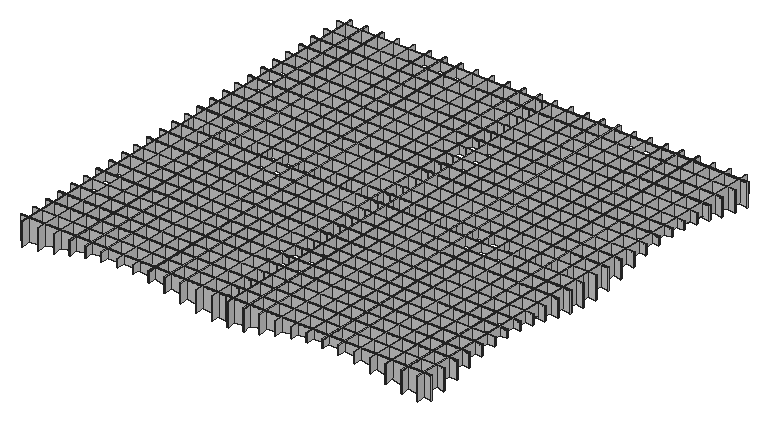
Revit family "CLD-WFL-002_RFA", category Modelos genéricos, Revit 2022 (continued)
Forms (in)
  Extrusion 232, solid
    sketch origin (0, 162.23622, 0) x (1, 0, 0) y (0, 0, 1)
      loop
        spline (45.92722, 0.15163) -> (46.57816, 0.09849) -> (47.22964, 0.0503) -> (47.88162, 0.00698) -> (48.53404, -0.03156) -> (49.18687, -0.06541) -> (49.84004, -0.09465) -> (50.49352, -0.11938) -> (51.14725, -0.13967) -> (51.80119, -0.15563) -> (52.45529, -0.16732) -> (53.1095, -0.17485) -> (53.76378, -0.1783)
        spline (53.76378, -0.1783) -> (54.49695, -0.17427) -> (55.23005, -0.16567) -> (55.96302, -0.1524) -> (56.69581, -0.13436) -> (57.42837, -0.11145) -> (58.16064, -0.08358) -> (58.89257, -0.05065) -> (59.6241, -0.01255) -> (60.35519, 0.0308) -> (61.08577, 0.07951) -> (61.8158, 0.13367) -> (62.54522, 0.19339)
        spline (62.54522, 0.19339) -> (63.20286, 0.25606) -> (63.85981, 0.32405) -> (64.51602, 0.39745) -> (65.17144, 0.47635) -> (65.82603, 0.56084) -> (66.47973, 0.65101) -> (67.1325, 0.74696) -> (67.78428, 0.84876) -> (68.43505, 0.95641) -> (69.08486, 1.06964) -> (69.73376, 1.18818) -> (70.38178, 1.31173)
        spline (70.38178, 1.31173) -> (71.11718, 1.46086) -> (71.85174, 1.61486) -> (72.58551, 1.77342) -> (73.31855, 1.93618) -> (74.05091, 2.10281) -> (74.78265, 2.27299) -> (75.51382, 2.44637) -> (76.24449, 2.62262) -> (76.97471, 2.8014) -> (77.70453, 2.98238) -> (78.43402, 3.16522) -> (79.16322, 3.34958)
        spline (79.16322, 3.34958) -> (79.81589, 3.5168) -> (80.46845, 3.68457) -> (81.12094, 3.85259) -> (81.77342, 4.02055) -> (82.42595, 4.18815) -> (83.07858, 4.35509) -> (83.73137, 4.52107) -> (84.38439, 4.68578) -> (85.03768, 4.84892) -> (85.6913, 5.01019) -> (86.34531, 5.16929) -> (86.99978, 5.32592)
        spline (86.99978, 5.32592) -> (87.72678, 5.49371) -> (88.45445, 5.65788) -> (89.18284, 5.8181) -> (89.91202, 5.97405) -> (90.64205, 6.12539) -> (91.37299, 6.27179) -> (92.10491, 6.41294) -> (92.83786, 6.54849) -> (93.57191, 6.67812) -> (94.30713, 6.8015) -> (95.04356, 6.9183) -> (95.78122, 7.02841)
        spline (95.78122, 7.02841) -> (96.43065, 7.11563) -> (97.08095, 7.1973) -> (97.73207, 7.2735) -> (98.38393, 7.34432) -> (99.03648, 7.40985) -> (99.68963, 7.47018) -> (100.34334, 7.52539) -> (100.99753, 7.57558) -> (101.65213, 7.62083) -> (102.30709, 7.66123) -> (102.96233, 7.69687) -> (103.61778, 7.72784)
        spline (103.61778, 7.72784) -> (103.98301, 7.74223) -> (104.34826, 7.75539) -> (104.71352, 7.76731) -> (105.07879, 7.77803) -> (105.44406, 7.78753) -> (105.80931, 7.79585) -> (106.17453, 7.80299) -> (106.53973, 7.80897) -> (106.90488, 7.81379) -> (107.26998, 7.81746) -> (107.63503, 7.82001) -> (108, 7.82144)
        line (108, 7.82144) -> (108, 11.82144)
    from -0.11811 to 0
  Extrusion 233, solid
    sketch origin (0, 153.92722, 0) x (1, 0, 0) y (0, 0, 1)
      loop
        line (108, 11.82144) -> (0, 11.82144) -> (0, 7.49745)
        spline (0, 7.49745) -> (0.32561, 7.50061) -> (0.65129, 7.5028) -> (0.97702, 7.504) -> (1.3028, 7.50421) -> (1.62862, 7.5034) -> (1.95447, 7.50158) -> (2.28035, 7.49874) -> (2.60624, 7.49485) -> (2.93213, 7.48991) -> (3.25803, 7.48392) -> (3.58391, 7.47685) -> (3.90978, 7.46871)
        spline (3.90978, 7.46871) -> (4.64427, 7.44283) -> (5.37852, 7.41184) -> (6.11245, 7.37564) -> (6.84598, 7.33415) -> (7.57905, 7.28726) -> (8.31158, 7.23488) -> (9.04349, 7.17692) -> (9.77471, 7.11327) -> (10.50517, 7.04386) -> (11.23479, 6.96857) -> (11.9635, 6.88732) -> (12.69122, 6.80001)
        spline (12.69122, 6.80001) -> (13.34456, 6.71191) -> (13.99682, 6.61804) -> (14.64799, 6.5185) -> (15.29813, 6.41358) -> (15.94729, 6.30354) -> (16.59553, 6.18867) -> (17.2429, 6.06925) -> (17.88946, 5.94556) -> (18.53527, 5.81787) -> (19.18038, 5.68647) -> (19.82484, 5.55162) -> (20.46871, 5.41362)
        spline (20.46871, 5.41362) -> (21.20701, 5.25043) -> (21.94481, 5.08446) -> (22.68216, 4.91603) -> (23.41914, 4.74548) -> (24.15581, 4.57314) -> (24.89224, 4.39932) -> (25.62848, 4.22436) -> (26.36461, 4.04857) -> (27.10068, 3.8723) -> (27.83677, 3.69586) -> (28.57293, 3.51959) -> (29.30922, 3.3438)
        spline (29.30922, 3.3438) -> (29.95995, 3.18922) -> (30.61094, 3.03586) -> (31.26223, 2.884) -> (31.91387, 2.73392) -> (32.56591, 2.58591) -> (33.21841, 2.44027) -> (33.87141, 2.29726) -> (34.52497, 2.15719) -> (35.17914, 2.02034) -> (35.83396, 1.88699) -> (36.48949, 1.75744) -> (37.14578, 1.63196)
        spline (37.14578, 1.63196) -> (37.87194, 1.50186) -> (38.59907, 1.37703) -> (39.32723, 1.25779) -> (40.05647, 1.14445) -> (40.78684, 1.03728) -> (41.51831, 0.93629) -> (42.25083, 0.84139) -> (42.98434, 0.75249) -> (43.71879, 0.66948) -> (44.45413, 0.59228) -> (45.19029, 0.52078) -> (45.92722, 0.45488)
        spline (45.92722, 0.45488) -> (46.57816, 0.40504) -> (47.22964, 0.35985) -> (47.88162, 0.31924) -> (48.53404, 0.28312) -> (49.18687, 0.2514) -> (49.84004, 0.224) -> (50.49352, 0.20084) -> (51.14725, 0.18183) -> (51.80119, 0.1669) -> (52.45529, 0.15595) -> (53.1095, 0.14891) -> (53.76378, 0.14568)
        spline (53.76378, 0.14568) -> (54.49695, 0.14945) -> (55.23005, 0.1575) -> (55.96302, 0.16993) -> (56.69581, 0.18682) -> (57.42837, 0.20828) -> (58.16064, 0.23439) -> (58.89257, 0.26525) -> (59.6241, 0.30095) -> (60.35518, 0.34158) -> (61.08577, 0.38725) -> (61.8158, 0.43804) -> (62.54522, 0.49405)
        spline (62.54522, 0.49405) -> (63.20286, 0.55285) -> (63.85981, 0.61666) -> (64.51602, 0.68555) -> (65.17144, 0.75961) -> (65.82603, 0.83894) -> (66.47973, 0.92362) -> (67.1325, 1.01374) -> (67.78428, 1.10938) -> (68.43505, 1.21052) -> (69.08486, 1.31692) -> (69.73376, 1.42831) -> (70.38178, 1.54441)
        spline (70.38178, 1.54441) -> (71.11719, 1.68452) -> (71.85174, 1.82919) -> (72.58551, 1.97812) -> (73.31855, 2.13097) -> (74.05091, 2.28743) -> (74.78265, 2.44718) -> (75.51383, 2.60988) -> (76.24449, 2.77524) -> (76.97471, 2.94291) -> (77.70453, 3.11258) -> (78.43402, 3.28394) -> (79.16322, 3.45665)
        spline (79.16322, 3.45665) -> (79.81589, 3.61318) -> (80.46845, 3.77015) -> (81.12094, 3.92726) -> (81.77342, 4.08422) -> (82.42595, 4.24075) -> (83.07858, 4.39655) -> (83.73137, 4.55134) -> (84.38439, 4.70482) -> (85.03768, 4.85671) -> (85.6913, 5.00672) -> (86.34531, 5.15455) -> (86.99978, 5.29992)
        spline (86.99978, 5.29992) -> (87.72678, 5.4553) -> (88.45445, 5.60712) -> (89.18284, 5.75506) -> (89.91202, 5.8988) -> (90.64204, 6.03803) -> (91.37299, 6.17243) -> (92.1049, 6.3017) -> (92.83786, 6.42551) -> (93.57191, 6.54354) -> (94.30712, 6.6555) -> (95.04356, 6.76106) -> (95.78122, 6.8601)
        spline (95.78122, 6.8601) -> (96.43065, 6.93786) -> (97.08095, 7.01021) -> (97.73207, 7.07724) -> (98.38393, 7.13903) -> (99.03648, 7.19567) -> (99.68963, 7.24723) -> (100.34334, 7.29382) -> (100.99753, 7.33551) -> (101.65213, 7.37238) -> (102.30709, 7.40452) -> (102.96233, 7.43202) -> (103.61778, 7.45496)
        spline (103.61778, 7.45496) -> (103.98301, 7.46494) -> (104.34826, 7.47372) -> (104.71353, 7.4813) -> (105.0788, 7.48768) -> (105.44406, 7.4929) -> (105.80931, 7.49695) -> (106.17454, 7.49984) -> (106.53973, 7.5016) -> (106.90488, 7.50223) -> (107.26998, 7.50173) -> (107.63503, 7.50014) -> (108, 7.49745)
        line (108, 7.49745) -> (108, 11.82144)
    from -0.11811 to 0
  Extrusion 234, solid
    sketch origin (0, 145.61822, 0) x (1, 0, 0) y (0, 0, 1)
      loop
        line (108, 11.82144) -> (0, 11.82144) -> (0, 6.40455)
        spline (0, 6.40455) -> (0.32561, 6.42139) -> (0.65129, 6.43729) -> (0.97702, 6.45226) -> (1.3028, 6.46628) -> (1.62862, 6.47935) -> (1.95447, 6.49146) -> (2.28035, 6.50259) -> (2.60624, 6.51274) -> (2.93213, 6.52189) -> (3.25803, 6.53005) -> (3.58391, 6.5372) -> (3.90978, 6.54334)
        spline (3.90978, 6.54334) -> (4.64427, 6.55011) -> (5.37852, 6.55208) -> (6.11244, 6.54917) -> (6.84598, 6.5413) -> (7.57905, 6.52839) -> (8.31157, 6.51035) -> (9.04349, 6.4871) -> (9.77471, 6.45856) -> (10.50517, 6.42465) -> (11.23479, 6.38528) -> (11.9635, 6.34038) -> (12.69122, 6.28985)
        spline (12.69122, 6.28985) -> (13.34952, 6.23514) -> (14.00673, 6.17505) -> (14.66285, 6.10968) -> (15.31792, 6.03926) -> (15.97202, 5.96405) -> (16.62518, 5.88427) -> (17.27747, 5.80017) -> (17.92894, 5.712) -> (18.57965, 5.62) -> (19.22966, 5.52441) -> (19.87902, 5.42547) -> (20.52778, 5.32343)
        spline (20.52778, 5.32343) -> (21.26115, 5.20293) -> (21.99402, 5.07965) -> (22.72645, 4.95385) -> (23.4585, 4.82583) -> (24.19025, 4.69586) -> (24.92176, 4.56423) -> (25.65308, 4.43121) -> (26.38429, 4.29709) -> (27.11544, 4.16214) -> (27.84661, 4.02665) -> (28.57785, 3.8909) -> (29.30922, 3.75516)
        spline (29.30922, 3.75516) -> (29.95995, 3.63466) -> (30.61094, 3.51485) -> (31.26223, 3.39599) -> (31.91387, 3.2783) -> (32.56591, 3.16206) -> (33.21841, 3.04749) -> (33.87141, 2.93486) -> (34.52497, 2.8244) -> (35.17914, 2.71637) -> (35.83396, 2.61101) -> (36.48949, 2.50857) -> (37.14578, 2.4093)
        spline (37.14578, 2.4093) -> (37.87194, 2.30632) -> (38.59907, 2.20751) -> (39.32723, 2.11315) -> (40.05647, 2.02349) -> (40.78684, 1.93878) -> (41.51831, 1.85902) -> (42.25083, 1.78415) -> (42.98434, 1.71406) -> (43.71879, 1.64869) -> (44.45413, 1.58794) -> (45.19029, 1.53174) -> (45.92722, 1.47999)
        spline (45.92722, 1.47999) -> (46.57816, 1.44092) -> (47.22964, 1.40553) -> (47.88162, 1.37376) -> (48.53404, 1.34552) -> (49.18687, 1.32076) -> (49.84004, 1.2994) -> (50.49352, 1.28136) -> (51.14725, 1.26658) -> (51.80119, 1.25497) -> (52.45529, 1.24648) -> (53.1095, 1.24101) -> (53.76378, 1.23852)
        spline (53.76378, 1.23852) -> (54.49695, 1.24145) -> (55.23005, 1.2477) -> (55.96302, 1.25736) -> (56.69581, 1.2705) -> (57.42836, 1.2872) -> (58.16063, 1.30755) -> (58.89256, 1.33163) -> (59.62409, 1.35951) -> (60.35518, 1.39128) -> (61.08577, 1.42702) -> (61.8158, 1.46681) -> (62.54522, 1.51073)
        spline (62.54522, 1.51073) -> (63.20286, 1.5569) -> (63.85981, 1.60706) -> (64.51602, 1.66127) -> (65.17144, 1.7196) -> (65.82603, 1.78214) -> (66.47973, 1.84896) -> (67.1325, 1.92013) -> (67.78428, 1.99572) -> (68.43505, 2.07573) -> (69.08486, 2.15994) -> (69.73376, 2.24811) -> (70.38178, 2.34001)
        spline (70.38178, 2.34001) -> (71.11719, 2.45082) -> (71.85175, 2.56518) -> (72.58552, 2.6828) -> (73.31856, 2.80343) -> (74.05092, 2.92677) -> (74.78266, 3.05256) -> (75.51384, 3.1805) -> (76.2445, 3.31033) -> (76.97472, 3.44177) -> (77.70454, 3.57454) -> (78.43402, 3.70836) -> (79.16322, 3.84296)
        spline (79.16322, 3.84296) -> (79.81589, 3.96449) -> (80.46845, 4.08604) -> (81.12094, 4.20735) -> (81.77342, 4.32817) -> (82.42595, 4.44826) -> (83.07858, 4.56736) -> (83.73137, 4.68523) -> (84.38439, 4.80161) -> (85.03768, 4.91625) -> (85.6913, 5.02891) -> (86.34531, 5.13933) -> (86.99978, 5.24726)
        spline (86.99978, 5.24726) -> (87.72678, 5.36123) -> (88.45444, 5.47173) -> (89.18283, 5.57848) -> (89.91201, 5.68121) -> (90.64203, 5.77964) -> (91.37298, 5.87351) -> (92.10489, 5.96254) -> (92.83785, 6.04646) -> (93.5719, 6.125) -> (94.30712, 6.19789) -> (95.04356, 6.26486) -> (95.78122, 6.32579)
        spline (95.78122, 6.32579) -> (96.46987, 6.37175) -> (97.15943, 6.41238) -> (97.84985, 6.44778) -> (98.54104, 6.47801) -> (99.23294, 6.50316) -> (99.92548, 6.5233) -> (100.61859, 6.53851) -> (101.3122, 6.54886) -> (102.00624, 6.55445) -> (102.70063, 6.55534) -> (103.39532, 6.55161) -> (104.09022, 6.54334)
        spline (104.09022, 6.54334) -> (104.41609, 6.5372) -> (104.74197, 6.53005) -> (105.06787, 6.52189) -> (105.39376, 6.51274) -> (105.71965, 6.50259) -> (106.04553, 6.49146) -> (106.37138, 6.47935) -> (106.6972, 6.46628) -> (107.02298, 6.45226) -> (107.34871, 6.43729) -> (107.67439, 6.42139) -> (108, 6.40455)
        line (108, 6.40455) -> (108, 11.82144)
    from -0.11811 to 0
  Extrusion 235, solid
    sketch origin (0, 137.30922, 0) x (1, 0, 0) y (0, 0, 1)
      loop
        line (108, 11.82144) -> (0, 11.82144) -> (0, 4.58891)
        spline (0, 4.58891) -> (0.32561, 4.62796) -> (0.65129, 4.66617) -> (0.97702, 4.70353) -> (1.3028, 4.74004) -> (1.62862, 4.77569) -> (1.95447, 4.81048) -> (2.28035, 4.84439) -> (2.60624, 4.87743) -> (2.93213, 4.90957) -> (3.25803, 4.94083) -> (3.58391, 4.97119) -> (3.90978, 5.00064)
        spline (3.90978, 5.00064) -> (4.64427, 5.06081) -> (5.37851, 5.11675) -> (6.11244, 5.16838) -> (6.84597, 5.21566) -> (7.57904, 5.25851) -> (8.31157, 5.29688) -> (9.04348, 5.33072) -> (9.7747, 5.35995) -> (10.50516, 5.38452) -> (11.23478, 5.40437) -> (11.96349, 5.41944) -> (12.69122, 5.42966)
        spline (12.69122, 5.42966) -> (13.34952, 5.43128) -> (14.00673, 5.42829) -> (14.66285, 5.42076) -> (15.31792, 5.40886) -> (15.97202, 5.39278) -> (16.62518, 5.37269) -> (17.27747, 5.34877) -> (17.92894, 5.32119) -> (18.57965, 5.29014) -> (19.22966, 5.2558) -> (19.87902, 5.21833) -> (20.52778, 5.17793)
        spline (20.52778, 5.17793) -> (21.26115, 5.12722) -> (21.99402, 5.0737) -> (22.72645, 5.01759) -> (23.45851, 4.95908) -> (24.19025, 4.89838) -> (24.92176, 4.8357) -> (25.65308, 4.77124) -> (26.38429, 4.70521) -> (27.11544, 4.63782) -> (27.84661, 4.56926) -> (28.57785, 4.49975) -> (29.30922, 4.42949)
        spline (29.30922, 4.42949) -> (29.95995, 4.366) -> (30.61094, 4.30234) -> (31.26223, 4.2387) -> (31.91387, 4.17525) -> (32.56591, 4.11218) -> (33.21841, 4.04966) -> (33.87141, 3.98789) -> (34.52497, 3.92703) -> (35.17914, 3.86728) -> (35.83396, 3.80881) -> (36.48949, 3.75181) -> (37.14578, 3.69645)
        spline (37.14578, 3.69645) -> (37.87194, 3.63892) -> (38.59907, 3.58371) -> (39.32723, 3.53102) -> (40.05647, 3.48105) -> (40.78684, 3.43397) -> (41.51831, 3.38979) -> (42.25083, 3.34845) -> (42.98434, 3.30989) -> (43.7188, 3.27405) -> (44.45413, 3.24086) -> (45.19029, 3.21027) -> (45.92722, 3.18221)
        spline (45.92722, 3.18221) -> (46.57816, 3.16116) -> (47.22964, 3.14217) -> (47.88162, 3.12519) -> (48.53404, 3.11017) -> (49.18687, 3.09705) -> (49.84004, 3.08579) -> (50.49352, 3.07632) -> (51.14725, 3.06859) -> (51.80119, 3.06255) -> (52.45529, 3.05816) -> (53.1095, 3.05535) -> (53.76378, 3.05407)
        spline (53.76378, 3.05407) -> (54.49695, 3.0556) -> (55.23004, 3.05885) -> (55.96301, 3.06387) -> (56.6958, 3.07073) -> (57.42836, 3.07948) -> (58.16062, 3.09019) -> (58.89255, 3.10292) -> (59.62409, 3.11771) -> (60.35517, 3.13464) -> (61.08576, 3.15376) -> (61.81579, 3.17514) -> (62.54522, 3.19882)
        spline (62.54522, 3.19882) -> (63.20286, 3.22386) -> (63.85981, 3.25117) -> (64.51602, 3.28078) -> (65.17144, 3.31277) -> (65.82603, 3.34719) -> (66.47973, 3.38408) -> (67.1325, 3.42351) -> (67.78428, 3.46553) -> (68.43505, 3.51013) -> (69.08486, 3.55715) -> (69.73376, 3.60642) -> (70.38178, 3.65777)
        spline (70.38178, 3.65777) -> (71.1172, 3.71948) -> (71.85176, 3.78304) -> (72.58554, 3.84824) -> (73.31858, 3.91488) -> (74.05094, 3.98275) -> (74.78268, 4.05166) -> (75.51385, 4.12139) -> (76.24452, 4.19176) -> (76.97473, 4.26254) -> (77.70455, 4.33354) -> (78.43403, 4.40456) -> (79.16322, 4.47539)
        spline (79.16322, 4.47539) -> (79.80403, 4.53723) -> (80.44473, 4.59841) -> (81.08536, 4.65876) -> (81.72599, 4.7181) -> (82.36666, 4.77623) -> (83.00743, 4.83299) -> (83.64836, 4.88819) -> (84.28951, 4.94166) -> (84.93093, 4.9932) -> (85.57267, 5.04265) -> (86.21481, 5.08982) -> (86.85738, 5.13453)
        spline (86.85738, 5.13453) -> (87.59614, 5.18092) -> (88.33559, 5.22395) -> (89.07577, 5.26344) -> (89.81676, 5.29917) -> (90.55862, 5.33094) -> (91.30141, 5.35856) -> (92.04519, 5.38181) -> (92.79004, 5.4005) -> (93.53601, 5.41442) -> (94.28316, 5.42338) -> (95.03157, 5.42716) -> (95.78122, 5.4257)
        spline (95.78122, 5.4257) -> (96.43065, 5.41648) -> (97.08095, 5.40294) -> (97.73207, 5.38513) -> (98.38393, 5.36311) -> (99.03648, 5.33693) -> (99.68963, 5.30665) -> (100.34334, 5.27231) -> (100.99753, 5.23398) -> (101.65213, 5.19169) -> (102.30709, 5.14552) -> (102.96233, 5.09551) -> (103.61778, 5.04172)
        spline (103.61778, 5.04172) -> (103.98301, 5.00943) -> (104.34827, 4.97613) -> (104.71354, 4.94182) -> (105.07881, 4.90651) -> (105.44407, 4.8702) -> (105.80932, 4.83291) -> (106.17455, 4.79465) -> (106.53974, 4.75541) -> (106.90489, 4.71521) -> (107.26999, 4.67406) -> (107.63503, 4.63196) -> (108, 4.58891)
        line (108, 4.58891) -> (108, 11.82144)
    from -0.11811 to 0
  Extrusion 236, solid
    sketch origin (0, 129.00022, 0) x (1, 0, 0) y (0, 0, 1)
      loop
        line (108, 11.82144) -> (0, 11.82144) -> (0, 2.55729)
        spline (0, 2.55729) -> (0.32561, 2.61504) -> (0.65129, 2.67215) -> (0.97702, 2.72862) -> (1.3028, 2.78445) -> (1.62862, 2.83963) -> (1.95447, 2.89415) -> (2.28035, 2.94802) -> (2.60624, 3.00123) -> (2.93213, 3.05379) -> (3.25803, 3.10567) -> (3.58391, 3.15689) -> (3.90978, 3.20744)
        spline (3.90978, 3.20744) -> (4.64427, 3.31686) -> (5.37851, 3.42317) -> (6.11243, 3.52634) -> (6.84596, 3.62635) -> (7.57903, 3.72316) -> (8.31156, 3.81675) -> (9.04347, 3.90709) -> (9.77469, 3.99415) -> (10.50515, 4.07789) -> (11.23478, 4.1583) -> (11.96349, 4.23534) -> (12.69122, 4.30898)
        spline (12.69122, 4.30898) -> (13.34952, 4.37039) -> (14.00673, 4.4286) -> (14.66285, 4.48364) -> (15.31792, 4.53559) -> (15.97202, 4.58455) -> (16.62518, 4.63059) -> (17.27747, 4.67381) -> (17.92894, 4.71429) -> (18.57965, 4.75212) -> (19.22966, 4.78738) -> (19.87902, 4.82016) -> (20.52778, 4.85054)
        spline (20.52778, 4.85054) -> (21.26115, 4.88062) -> (21.99402, 4.90823) -> (22.72646, 4.93347) -> (23.45851, 4.95644) -> (24.19026, 4.97724) -> (24.92176, 4.99598) -> (25.65309, 5.01275) -> (26.38429, 5.02764) -> (27.11545, 5.04077) -> (27.84661, 5.05223) -> (28.57785, 5.06211) -> (29.30922, 5.07053)
        spline (29.30922, 5.07053) -> (29.95995, 5.07584) -> (30.61094, 5.08009) -> (31.26223, 5.08336) -> (31.91387, 5.08574) -> (32.56591, 5.08733) -> (33.21841, 5.0882) -> (33.87141, 5.08846) -> (34.52497, 5.08817) -> (35.17914, 5.08744) -> (35.83396, 5.08636) -> (36.48949, 5.085) -> (37.14578, 5.08346)
        spline (37.14578, 5.08346) -> (37.87194, 5.08165) -> (38.59907, 5.0799) -> (39.32723, 5.0783) -> (40.05647, 5.07696) -> (40.78684, 5.07594) -> (41.51831, 5.07527) -> (42.25083, 5.07491) -> (42.98434, 5.07483) -> (43.7188, 5.075) -> (44.45413, 5.07538) -> (45.19029, 5.07596) -> (45.92722, 5.0767)
        spline (45.92722, 5.0767) -> (46.57816, 5.07753) -> (47.22964, 5.07843) -> (47.88162, 5.07937) -> (48.53404, 5.08033) -> (49.18687, 5.08128) -> (49.84004, 5.0822) -> (50.49352, 5.08306) -> (51.14725, 5.08383) -> (51.80119, 5.0845) -> (52.45529, 5.08503) -> (53.1095, 5.0854) -> (53.76378, 5.08558)
        spline (53.76378, 5.08558) -> (54.49695, 5.08542) -> (55.23004, 5.08505) -> (55.96301, 5.0845) -> (56.6958, 5.0838) -> (57.42835, 5.08298) -> (58.16062, 5.08206) -> (58.89255, 5.08107) -> (59.62408, 5.08005) -> (60.35517, 5.07902) -> (61.08576, 5.07801) -> (61.81579, 5.07705) -> (62.54522, 5.07616)
        spline (62.54522, 5.07616) -> (63.20286, 5.07551) -> (63.85981, 5.075) -> (64.51602, 5.07466) -> (65.17144, 5.07452) -> (65.82603, 5.0746) -> (66.47973, 5.07493) -> (67.1325, 5.07554) -> (67.78428, 5.07645) -> (68.43505, 5.07766) -> (69.08486, 5.07909) -> (69.73376, 5.08066) -> (70.38178, 5.08229)
        spline (70.38178, 5.08229) -> (71.1172, 5.08386) -> (71.85177, 5.08523) -> (72.58555, 5.08629) -> (73.31859, 5.08695) -> (74.05095, 5.08712) -> (74.78269, 5.08668) -> (75.51386, 5.08555) -> (76.24453, 5.08362) -> (76.97474, 5.08079) -> (77.70455, 5.07697) -> (78.43403, 5.07206) -> (79.16322, 5.06596)
        spline (79.16322, 5.06596) -> (79.81589, 5.05858) -> (80.46845, 5.04989) -> (81.12094, 5.0398) -> (81.77342, 5.02821) -> (82.42595, 5.01505) -> (83.07858, 5.00022) -> (83.73137, 4.98363) -> (84.38439, 4.9652) -> (85.03768, 4.94483) -> (85.6913, 4.92244) -> (86.34531, 4.89793) -> (86.99978, 4.87123)
        spline (86.99978, 4.87123) -> (87.72677, 4.83707) -> (88.45442, 4.80022) -> (89.18281, 4.7606) -> (89.91198, 4.7181) -> (90.642, 4.67263) -> (91.37294, 4.62408) -> (92.10486, 4.57237) -> (92.83781, 4.5174) -> (93.57187, 4.45907) -> (94.3071, 4.39728) -> (95.04355, 4.33194) -> (95.78122, 4.26301)
        spline (95.78122, 4.26301) -> (96.43065, 4.19725) -> (97.08095, 4.12847) -> (97.73207, 4.05667) -> (98.38393, 3.9819) -> (99.03648, 3.90417) -> (99.68963, 3.82352) -> (100.34334, 3.73996) -> (100.99753, 3.65352) -> (101.65213, 3.56424) -> (102.30709, 3.47213) -> (102.96233, 3.37722) -> (103.61778, 3.27954)
        spline (103.61778, 3.27954) -> (103.98302, 3.22342) -> (104.34828, 3.16655) -> (104.71355, 3.10893) -> (105.07882, 3.05057) -> (105.44409, 2.99146) -> (105.80934, 2.93162) -> (106.17456, 2.87105) -> (106.53976, 2.80974) -> (106.9049, 2.74771) -> (107.27, 2.68496) -> (107.63504, 2.62148) -> (108, 2.55729)
        line (108, 2.55729) -> (108, 11.82144)
    from -0.11811 to 0
  Extrusion 237, solid
    sketch origin (0, 120.69122, 0) x (1, 0, 0) y (0, 0, 1)
      loop
        line (108, 11.82144) -> (0, 11.82144) -> (0, 0.88375)
        spline (0, 0.88375) -> (0.32561, 0.94348) -> (0.65129, 1.00296) -> (0.97702, 1.06219) -> (1.3028, 1.12116) -> (1.62862, 1.1799) -> (1.95447, 1.23838) -> (2.28035, 1.29662) -> (2.60624, 1.35462) -> (2.93213, 1.41237) -> (3.25803, 1.46988) -> (3.58391, 1.52715) -> (3.90978, 1.58418)
        spline (3.90978, 1.58418) -> (4.64426, 1.71122) -> (5.37851, 1.8372) -> (6.11243, 1.96212) -> (6.84596, 2.086) -> (7.57903, 2.20885) -> (8.31155, 2.33067) -> (9.04347, 2.45149) -> (9.77469, 2.57131) -> (10.50515, 2.69014) -> (11.23478, 2.80798) -> (11.96349, 2.92486) -> (12.69122, 3.04079)
        spline (12.69122, 3.04079) -> (13.34952, 3.14441) -> (14.00673, 3.24717) -> (14.66285, 3.34906) -> (15.31792, 3.45005) -> (15.97202, 3.55011) -> (16.62518, 3.64921) -> (17.27747, 3.74732) -> (17.92894, 3.8444) -> (18.57965, 3.94043) -> (19.22966, 4.03537) -> (19.87902, 4.12919) -> (20.52778, 4.22187)
        spline (20.52778, 4.22187) -> (21.26116, 4.32437) -> (21.99403, 4.42546) -> (22.72646, 4.52511) -> (23.45852, 4.62328) -> (24.19027, 4.71993) -> (24.92177, 4.81503) -> (25.6531, 4.90854) -> (26.3843, 5.00042) -> (27.11545, 5.09065) -> (27.84662, 5.17918) -> (28.57786, 5.26598) -> (29.30922, 5.35101)
        spline (29.30922, 5.35101) -> (29.95995, 5.42391) -> (30.61094, 5.49516) -> (31.26223, 5.56472) -> (31.91387, 5.63257) -> (32.56591, 5.69867) -> (33.21841, 5.763) -> (33.87141, 5.82551) -> (34.52497, 5.88618) -> (35.17914, 5.94498) -> (35.83396, 6.00187) -> (36.48949, 6.05683) -> (37.14578, 6.10982)
        spline (37.14578, 6.10982) -> (37.87194, 6.16453) -> (38.59907, 6.21702) -> (39.32723, 6.26723) -> (40.05647, 6.31514) -> (40.78684, 6.36072) -> (41.51831, 6.40397) -> (42.25083, 6.44489) -> (42.98434, 6.4835) -> (43.71879, 6.51981) -> (44.45413, 6.55383) -> (45.19029, 6.58557) -> (45.92722, 6.61503)
        spline (45.92722, 6.61503) -> (46.57816, 6.6376) -> (47.22964, 6.65822) -> (47.88162, 6.67689) -> (48.53404, 6.69363) -> (49.18687, 6.70845) -> (49.84004, 6.72134) -> (50.49352, 6.73234) -> (51.14725, 6.74143) -> (51.80119, 6.74863) -> (52.45529, 6.75396) -> (53.1095, 6.75742) -> (53.76378, 6.75901)
        spline (53.76378, 6.75901) -> (54.49695, 6.7572) -> (55.23004, 6.75331) -> (55.96301, 6.74732) -> (56.6958, 6.73922) -> (57.42835, 6.72901) -> (58.16062, 6.71667) -> (58.89255, 6.7022) -> (59.62408, 6.68557) -> (60.35517, 6.66679) -> (61.08576, 6.64585) -> (61.81579, 6.62272) -> (62.54522, 6.59741)
        spline (62.54522, 6.59741) -> (63.20286, 6.57112) -> (63.85981, 6.54281) -> (64.51602, 6.51247) -> (65.17144, 6.48008) -> (65.82603, 6.44563) -> (66.47973, 6.40912) -> (67.1325, 6.37054) -> (67.78428, 6.32988) -> (68.43505, 6.28713) -> (69.08486, 6.24233) -> (69.73376, 6.19551) -> (70.38178, 6.14669)
        spline (70.38178, 6.14669) -> (71.1172, 6.08737) -> (71.85177, 6.02584) -> (72.58554, 5.96214) -> (73.31858, 5.89631) -> (74.05094, 5.82838) -> (74.78268, 5.75838) -> (75.51386, 5.68636) -> (76.24452, 5.61234) -> (76.97473, 5.53637) -> (77.70455, 5.45847) -> (78.43403, 5.37869) -> (79.16322, 5.29705)
        spline (79.16322, 5.29705) -> (79.81589, 5.22111) -> (80.46845, 5.14359) -> (81.12094, 5.06452) -> (81.77342, 4.98394) -> (82.42595, 4.90188) -> (83.07858, 4.81837) -> (83.73137, 4.73344) -> (84.38439, 4.64713) -> (85.03768, 4.55947) -> (85.6913, 4.47048) -> (86.34531, 4.3802) -> (86.99978, 4.28866)
        spline (86.99978, 4.28866) -> (87.72677, 4.18488) -> (88.45442, 4.07981) -> (89.1828, 3.97349) -> (89.91197, 3.86595) -> (90.64199, 3.75723) -> (91.37293, 3.64737) -> (92.10485, 3.53639) -> (92.8378, 3.42433) -> (93.57186, 3.31123) -> (94.30709, 3.19712) -> (95.04354, 3.08203) -> (95.78122, 2.96599)
        spline (95.78122, 2.96599) -> (96.4698, 2.85601) -> (97.15931, 2.74512) -> (97.84968, 2.63332) -> (98.54085, 2.52058) -> (99.23273, 2.40692) -> (99.92527, 2.2923) -> (100.61838, 2.17673) -> (101.31201, 2.06019) -> (102.00608, 1.94268) -> (102.70052, 1.82418) -> (103.39525, 1.70469) -> (104.09022, 1.58418)
        spline (104.09022, 1.58418) -> (104.41609, 1.52715) -> (104.74197, 1.46988) -> (105.06787, 1.41237) -> (105.39376, 1.35462) -> (105.71965, 1.29662) -> (106.04553, 1.23838) -> (106.37138, 1.1799) -> (106.6972, 1.12116) -> (107.02298, 1.06219) -> (107.34871, 1.00296) -> (107.67439, 0.94348) -> (108, 0.88375)
        line (108, 0.88375) -> (108, 11.82144)
    from -0.11811 to 0
  Extrusion 238, solid
    sketch origin (0, 169.95467, 0) x (1, 0, 0) y (0, 0, 1)
      loop
        line (108, 11.82144) -> (0, 11.82144) -> (0, 7.49745)
        spline (0, 7.49745) -> (0.32561, 7.50061) -> (0.65129, 7.5028) -> (0.97702, 7.504) -> (1.3028, 7.50421) -> (1.62862, 7.5034) -> (1.95447, 7.50158) -> (2.28035, 7.49874) -> (2.60624, 7.49485) -> (2.93213, 7.48991) -> (3.25803, 7.48392) -> (3.58391, 7.47685) -> (3.90978, 7.46871)
        spline (3.90978, 7.46871) -> (4.64427, 7.44283) -> (5.37852, 7.41184) -> (6.11245, 7.37564) -> (6.84598, 7.33415) -> (7.57905, 7.28726) -> (8.31158, 7.23488) -> (9.04349, 7.17692) -> (9.77471, 7.11327) -> (10.50517, 7.04386) -> (11.23479, 6.96857) -> (11.9635, 6.88732) -> (12.69122, 6.80001)
        spline (12.69122, 6.80001) -> (13.34456, 6.71191) -> (13.99682, 6.61804) -> (14.64799, 6.5185) -> (15.29813, 6.41358) -> (15.94729, 6.30354) -> (16.59553, 6.18867) -> (17.2429, 6.06925) -> (17.88946, 5.94556) -> (18.53527, 5.81787) -> (19.18038, 5.68647) -> (19.82484, 5.55162) -> (20.46871, 5.41362)
        spline (20.46871, 5.41362) -> (21.20701, 5.25043) -> (21.94481, 5.08446) -> (22.68216, 4.91603) -> (23.41914, 4.74548) -> (24.15581, 4.57314) -> (24.89224, 4.39932) -> (25.62848, 4.22436) -> (26.36461, 4.04857) -> (27.10068, 3.8723) -> (27.83677, 3.69586) -> (28.57293, 3.51959) -> (29.30922, 3.3438)
        spline (29.30922, 3.3438) -> (29.95995, 3.18922) -> (30.61094, 3.03586) -> (31.26223, 2.884) -> (31.91387, 2.73392) -> (32.56591, 2.58591) -> (33.21841, 2.44027) -> (33.87141, 2.29726) -> (34.52497, 2.15719) -> (35.17914, 2.02034) -> (35.83396, 1.88699) -> (36.48949, 1.75744) -> (37.14578, 1.63196)
        spline (37.14578, 1.63196) -> (37.87194, 1.50186) -> (38.59907, 1.37703) -> (39.32723, 1.25779) -> (40.05647, 1.14445) -> (40.78684, 1.03728) -> (41.51831, 0.93629) -> (42.25083, 0.84139) -> (42.98434, 0.75249) -> (43.71879, 0.66948) -> (44.45413, 0.59228) -> (45.19029, 0.52078) -> (45.92722, 0.45488)
        spline (45.92722, 0.45488) -> (46.57816, 0.40504) -> (47.22964, 0.35985) -> (47.88162, 0.31924) -> (48.53404, 0.28312) -> (49.18687, 0.2514) -> (49.84004, 0.224) -> (50.49352, 0.20084) -> (51.14725, 0.18183) -> (51.80119, 0.1669) -> (52.45529, 0.15595) -> (53.1095, 0.14891) -> (53.76378, 0.14568)
        spline (53.76378, 0.14568) -> (54.49695, 0.14945) -> (55.23005, 0.1575) -> (55.96302, 0.16993) -> (56.69581, 0.18682) -> (57.42837, 0.20828) -> (58.16064, 0.23439) -> (58.89257, 0.26525) -> (59.6241, 0.30095) -> (60.35518, 0.34158) -> (61.08577, 0.38725) -> (61.8158, 0.43804) -> (62.54522, 0.49405)
        spline (62.54522, 0.49405) -> (63.20286, 0.55285) -> (63.85981, 0.61666) -> (64.51602, 0.68555) -> (65.17144, 0.75961) -> (65.82603, 0.83894) -> (66.47973, 0.92362) -> (67.1325, 1.01374) -> (67.78428, 1.10938) -> (68.43505, 1.21052) -> (69.08486, 1.31692) -> (69.73376, 1.42831) -> (70.38178, 1.54441)
        spline (70.38178, 1.54441) -> (71.11719, 1.68452) -> (71.85174, 1.82919) -> (72.58551, 1.97812) -> (73.31855, 2.13097) -> (74.05091, 2.28743) -> (74.78265, 2.44718) -> (75.51383, 2.60988) -> (76.24449, 2.77524) -> (76.97471, 2.94291) -> (77.70453, 3.11258) -> (78.43402, 3.28394) -> (79.16322, 3.45665)
        spline (79.16322, 3.45665) -> (79.81589, 3.61318) -> (80.46845, 3.77015) -> (81.12094, 3.92726) -> (81.77342, 4.08422) -> (82.42595, 4.24075) -> (83.07858, 4.39655) -> (83.73137, 4.55134) -> (84.38439, 4.70482) -> (85.03768, 4.85671) -> (85.6913, 5.00672) -> (86.34531, 5.15455) -> (86.99978, 5.29992)
        spline (86.99978, 5.29992) -> (87.72678, 5.4553) -> (88.45445, 5.60712) -> (89.18284, 5.75506) -> (89.91202, 5.8988) -> (90.64204, 6.03803) -> (91.37299, 6.17243) -> (92.1049, 6.3017) -> (92.83786, 6.42551) -> (93.57191, 6.54354) -> (94.30712, 6.6555) -> (95.04356, 6.76106) -> (95.78122, 6.8601)
        spline (95.78122, 6.8601) -> (96.43065, 6.93786) -> (97.08095, 7.01021) -> (97.73207, 7.07724) -> (98.38393, 7.13903) -> (99.03648, 7.19567) -> (99.68963, 7.24723) -> (100.34334, 7.29382) -> (100.99753, 7.33551) -> (101.65213, 7.37238) -> (102.30709, 7.40452) -> (102.96233, 7.43202) -> (103.61778, 7.45496)
        spline (103.61778, 7.45496) -> (103.98301, 7.46494) -> (104.34826, 7.47372) -> (104.71353, 7.4813) -> (105.0788, 7.48768) -> (105.44406, 7.4929) -> (105.80931, 7.49695) -> (106.17454, 7.49984) -> (106.53973, 7.5016) -> (106.90488, 7.50223) -> (107.26998, 7.50173) -> (107.63503, 7.50014) -> (108, 7.49745)
        line (108, 7.49745) -> (108, 11.82144)
    from -0.11811 to 0
  Extrusion 239, solid
    sketch origin (0, 170.07278, 0) x (1, 0, 0) y (0, 0, 1)
      loop
        line (108, 11.82144) -> (0, 11.82144) -> (0, 7.49745)
        spline (0, 7.49745) -> (0.32561, 7.50061) -> (0.65129, 7.5028) -> (0.97702, 7.504) -> (1.3028, 7.50421) -> (1.62862, 7.5034) -> (1.95447, 7.50158) -> (2.28035, 7.49874) -> (2.60624, 7.49485) -> (2.93213, 7.48991) -> (3.25803, 7.48392) -> (3.58391, 7.47685) -> (3.90978, 7.46871)
        spline (3.90978, 7.46871) -> (4.64427, 7.44283) -> (5.37852, 7.41184) -> (6.11245, 7.37564) -> (6.84598, 7.33415) -> (7.57905, 7.28726) -> (8.31158, 7.23488) -> (9.04349, 7.17692) -> (9.77471, 7.11327) -> (10.50517, 7.04386) -> (11.23479, 6.96857) -> (11.9635, 6.88732) -> (12.69122, 6.80001)
        spline (12.69122, 6.80001) -> (13.34456, 6.71191) -> (13.99682, 6.61804) -> (14.64799, 6.5185) -> (15.29813, 6.41358) -> (15.94729, 6.30354) -> (16.59553, 6.18867) -> (17.2429, 6.06925) -> (17.88946, 5.94556) -> (18.53527, 5.81787) -> (19.18038, 5.68647) -> (19.82484, 5.55162) -> (20.46871, 5.41362)
        spline (20.46871, 5.41362) -> (21.20701, 5.25043) -> (21.94481, 5.08446) -> (22.68216, 4.91603) -> (23.41914, 4.74548) -> (24.15581, 4.57314) -> (24.89224, 4.39932) -> (25.62848, 4.22436) -> (26.36461, 4.04857) -> (27.10068, 3.8723) -> (27.83677, 3.69586) -> (28.57293, 3.51959) -> (29.30922, 3.3438)
        spline (29.30922, 3.3438) -> (29.95995, 3.18922) -> (30.61094, 3.03586) -> (31.26223, 2.884) -> (31.91387, 2.73392) -> (32.56591, 2.58591) -> (33.21841, 2.44027) -> (33.87141, 2.29726) -> (34.52497, 2.15719) -> (35.17914, 2.02034) -> (35.83396, 1.88699) -> (36.48949, 1.75744) -> (37.14578, 1.63196)
        spline (37.14578, 1.63196) -> (37.87194, 1.50186) -> (38.59907, 1.37703) -> (39.32723, 1.25779) -> (40.05647, 1.14445) -> (40.78684, 1.03728) -> (41.51831, 0.93629) -> (42.25083, 0.84139) -> (42.98434, 0.75249) -> (43.71879, 0.66948) -> (44.45413, 0.59228) -> (45.19029, 0.52078) -> (45.92722, 0.45488)
        spline (45.92722, 0.45488) -> (46.57816, 0.40504) -> (47.22964, 0.35985) -> (47.88162, 0.31924) -> (48.53404, 0.28312) -> (49.18687, 0.2514) -> (49.84004, 0.224) -> (50.49352, 0.20084) -> (51.14725, 0.18183) -> (51.80119, 0.1669) -> (52.45529, 0.15595) -> (53.1095, 0.14891) -> (53.76378, 0.14568)
        spline (53.76378, 0.14568) -> (54.49695, 0.14945) -> (55.23005, 0.1575) -> (55.96302, 0.16993) -> (56.69581, 0.18682) -> (57.42837, 0.20828) -> (58.16064, 0.23439) -> (58.89257, 0.26525) -> (59.6241, 0.30095) -> (60.35518, 0.34158) -> (61.08577, 0.38725) -> (61.8158, 0.43804) -> (62.54522, 0.49405)
        spline (62.54522, 0.49405) -> (63.20286, 0.55285) -> (63.85981, 0.61666) -> (64.51602, 0.68555) -> (65.17144, 0.75961) -> (65.82603, 0.83894) -> (66.47973, 0.92362) -> (67.1325, 1.01374) -> (67.78428, 1.10938) -> (68.43505, 1.21052) -> (69.08486, 1.31692) -> (69.73376, 1.42831) -> (70.38178, 1.54441)
        spline (70.38178, 1.54441) -> (71.11719, 1.68452) -> (71.85174, 1.82919) -> (72.58551, 1.97812) -> (73.31855, 2.13097) -> (74.05091, 2.28743) -> (74.78265, 2.44718) -> (75.51383, 2.60988) -> (76.24449, 2.77524) -> (76.97471, 2.94291) -> (77.70453, 3.11258) -> (78.43402, 3.28394) -> (79.16322, 3.45665)
        spline (79.16322, 3.45665) -> (79.81589, 3.61318) -> (80.46845, 3.77015) -> (81.12094, 3.92726) -> (81.77342, 4.08422) -> (82.42595, 4.24075) -> (83.07858, 4.39655) -> (83.73137, 4.55134) -> (84.38439, 4.70482) -> (85.03768, 4.85671) -> (85.6913, 5.00672) -> (86.34531, 5.15455) -> (86.99978, 5.29992)
        spline (86.99978, 5.29992) -> (87.72678, 5.4553) -> (88.45445, 5.60712) -> (89.18284, 5.75506) -> (89.91202, 5.8988) -> (90.64204, 6.03803) -> (91.37299, 6.17243) -> (92.1049, 6.3017) -> (92.83786, 6.42551) -> (93.57191, 6.54354) -> (94.30712, 6.6555) -> (95.04356, 6.76106) -> (95.78122, 6.8601)
        spline (95.78122, 6.8601) -> (96.43065, 6.93786) -> (97.08095, 7.01021) -> (97.73207, 7.07724) -> (98.38393, 7.13903) -> (99.03648, 7.19567) -> (99.68963, 7.24723) -> (100.34334, 7.29382) -> (100.99753, 7.33551) -> (101.65213, 7.37238) -> (102.30709, 7.40452) -> (102.96233, 7.43202) -> (103.61778, 7.45496)
        spline (103.61778, 7.45496) -> (103.98301, 7.46494) -> (104.34826, 7.47372) -> (104.71353, 7.4813) -> (105.0788, 7.48768) -> (105.44406, 7.4929) -> (105.80931, 7.49695) -> (106.17454, 7.49984) -> (106.53973, 7.5016) -> (106.90488, 7.50223) -> (107.26998, 7.50173) -> (107.63503, 7.50014) -> (108, 7.49745)
        line (108, 7.49745) -> (108, 11.82144)
    from -0.47244 to 0
  Extrusion 240, solid
    sketch origin (0, 170.54522, 0) x (1, 0, 0) y (0, 0, 1)
      loop
        line (108, 11.82144) -> (0, 11.82144) -> (0, 7.49745)
        spline (0, 7.49745) -> (0.32561, 7.50061) -> (0.65129, 7.5028) -> (0.97702, 7.504) -> (1.3028, 7.50421) -> (1.62862, 7.5034) -> (1.95447, 7.50158) -> (2.28035, 7.49874) -> (2.60624, 7.49485) -> (2.93213, 7.48991) -> (3.25803, 7.48392) -> (3.58391, 7.47685) -> (3.90978, 7.46871)
        spline (3.90978, 7.46871) -> (4.64427, 7.44283) -> (5.37852, 7.41184) -> (6.11245, 7.37564) -> (6.84598, 7.33415) -> (7.57905, 7.28726) -> (8.31158, 7.23488) -> (9.04349, 7.17692) -> (9.77471, 7.11327) -> (10.50517, 7.04386) -> (11.23479, 6.96857) -> (11.9635, 6.88732) -> (12.69122, 6.80001)
        spline (12.69122, 6.80001) -> (13.34456, 6.71191) -> (13.99682, 6.61804) -> (14.64799, 6.5185) -> (15.29813, 6.41358) -> (15.94729, 6.30354) -> (16.59553, 6.18867) -> (17.2429, 6.06925) -> (17.88946, 5.94556) -> (18.53527, 5.81787) -> (19.18038, 5.68647) -> (19.82484, 5.55162) -> (20.46871, 5.41362)
        spline (20.46871, 5.41362) -> (21.20701, 5.25043) -> (21.94481, 5.08446) -> (22.68216, 4.91603) -> (23.41914, 4.74548) -> (24.15581, 4.57314) -> (24.89224, 4.39932) -> (25.62848, 4.22436) -> (26.36461, 4.04857) -> (27.10068, 3.8723) -> (27.83677, 3.69586) -> (28.57293, 3.51959) -> (29.30922, 3.3438)
        spline (29.30922, 3.3438) -> (29.95995, 3.18922) -> (30.61094, 3.03586) -> (31.26223, 2.884) -> (31.91387, 2.73392) -> (32.56591, 2.58591) -> (33.21841, 2.44027) -> (33.87141, 2.29726) -> (34.52497, 2.15719) -> (35.17914, 2.02034) -> (35.83396, 1.88699) -> (36.48949, 1.75744) -> (37.14578, 1.63196)
        spline (37.14578, 1.63196) -> (37.87194, 1.50186) -> (38.59907, 1.37703) -> (39.32723, 1.25779) -> (40.05647, 1.14445) -> (40.78684, 1.03728) -> (41.51831, 0.93629) -> (42.25083, 0.84139) -> (42.98434, 0.75249) -> (43.71879, 0.66948) -> (44.45413, 0.59228) -> (45.19029, 0.52078) -> (45.92722, 0.45488)
        spline (45.92722, 0.45488) -> (46.57816, 0.40504) -> (47.22964, 0.35985) -> (47.88162, 0.31924) -> (48.53404, 0.28312) -> (49.18687, 0.2514) -> (49.84004, 0.224) -> (50.49352, 0.20084) -> (51.14725, 0.18183) -> (51.80119, 0.1669) -> (52.45529, 0.15595) -> (53.1095, 0.14891) -> (53.76378, 0.14568)
        spline (53.76378, 0.14568) -> (54.49695, 0.14945) -> (55.23005, 0.1575) -> (55.96302, 0.16993) -> (56.69581, 0.18682) -> (57.42837, 0.20828) -> (58.16064, 0.23439) -> (58.89257, 0.26525) -> (59.6241, 0.30095) -> (60.35518, 0.34158) -> (61.08577, 0.38725) -> (61.8158, 0.43804) -> (62.54522, 0.49405)
        spline (62.54522, 0.49405) -> (63.20286, 0.55285) -> (63.85981, 0.61666) -> (64.51602, 0.68555) -> (65.17144, 0.75961) -> (65.82603, 0.83894) -> (66.47973, 0.92362) -> (67.1325, 1.01374) -> (67.78428, 1.10938) -> (68.43505, 1.21052) -> (69.08486, 1.31692) -> (69.73376, 1.42831) -> (70.38178, 1.54441)
        spline (70.38178, 1.54441) -> (71.11719, 1.68452) -> (71.85174, 1.82919) -> (72.58551, 1.97812) -> (73.31855, 2.13097) -> (74.05091, 2.28743) -> (74.78265, 2.44718) -> (75.51383, 2.60988) -> (76.24449, 2.77524) -> (76.97471, 2.94291) -> (77.70453, 3.11258) -> (78.43402, 3.28394) -> (79.16322, 3.45665)
        spline (79.16322, 3.45665) -> (79.81589, 3.61318) -> (80.46845, 3.77015) -> (81.12094, 3.92726) -> (81.77342, 4.08422) -> (82.42595, 4.24075) -> (83.07858, 4.39655) -> (83.73137, 4.55134) -> (84.38439, 4.70482) -> (85.03768, 4.85671) -> (85.6913, 5.00672) -> (86.34531, 5.15455) -> (86.99978, 5.29992)
        spline (86.99978, 5.29992) -> (87.72678, 5.4553) -> (88.45445, 5.60712) -> (89.18284, 5.75506) -> (89.91202, 5.8988) -> (90.64204, 6.03803) -> (91.37299, 6.17243) -> (92.1049, 6.3017) -> (92.83786, 6.42551) -> (93.57191, 6.54354) -> (94.30712, 6.6555) -> (95.04356, 6.76106) -> (95.78122, 6.8601)
        spline (95.78122, 6.8601) -> (96.43065, 6.93786) -> (97.08095, 7.01021) -> (97.73207, 7.07724) -> (98.38393, 7.13903) -> (99.03648, 7.19567) -> (99.68963, 7.24723) -> (100.34334, 7.29382) -> (100.99753, 7.33551) -> (101.65213, 7.37238) -> (102.30709, 7.40452) -> (102.96233, 7.43202) -> (103.61778, 7.45496)
        spline (103.61778, 7.45496) -> (103.98301, 7.46494) -> (104.34826, 7.47372) -> (104.71353, 7.4813) -> (105.0788, 7.48768) -> (105.44406, 7.4929) -> (105.80931, 7.49695) -> (106.17454, 7.49984) -> (106.53973, 7.5016) -> (106.90488, 7.50223) -> (107.26998, 7.50173) -> (107.63503, 7.50014) -> (108, 7.49745)
        line (108, 7.49745) -> (108, 11.82144)
    from -0.11811 to 0
  Extrusion 241, solid
    sketch origin (0, 178.26367, 0) x (1, 0, 0) y (0, 0, 1)
      loop
        line (108, 11.82144) -> (0, 11.82144) -> (0, 6.40455)
        spline (0, 6.40455) -> (0.32561, 6.42139) -> (0.65129, 6.43729) -> (0.97702, 6.45226) -> (1.3028, 6.46628) -> (1.62862, 6.47935) -> (1.95447, 6.49146) -> (2.28035, 6.50259) -> (2.60624, 6.51274) -> (2.93213, 6.52189) -> (3.25803, 6.53005) -> (3.58391, 6.5372) -> (3.90978, 6.54334)
        spline (3.90978, 6.54334) -> (4.64427, 6.55011) -> (5.37852, 6.55208) -> (6.11244, 6.54917) -> (6.84598, 6.5413) -> (7.57905, 6.52839) -> (8.31157, 6.51035) -> (9.04349, 6.4871) -> (9.77471, 6.45856) -> (10.50517, 6.42465) -> (11.23479, 6.38528) -> (11.9635, 6.34038) -> (12.69122, 6.28985)
        spline (12.69122, 6.28985) -> (13.34952, 6.23514) -> (14.00673, 6.17505) -> (14.66285, 6.10968) -> (15.31792, 6.03926) -> (15.97202, 5.96405) -> (16.62518, 5.88427) -> (17.27747, 5.80017) -> (17.92894, 5.712) -> (18.57965, 5.62) -> (19.22966, 5.52441) -> (19.87902, 5.42547) -> (20.52778, 5.32343)
        spline (20.52778, 5.32343) -> (21.26115, 5.20293) -> (21.99402, 5.07965) -> (22.72645, 4.95385) -> (23.4585, 4.82583) -> (24.19025, 4.69586) -> (24.92176, 4.56423) -> (25.65308, 4.43121) -> (26.38429, 4.29709) -> (27.11544, 4.16214) -> (27.84661, 4.02665) -> (28.57785, 3.8909) -> (29.30922, 3.75516)
        spline (29.30922, 3.75516) -> (29.95995, 3.63466) -> (30.61094, 3.51485) -> (31.26223, 3.39599) -> (31.91387, 3.2783) -> (32.56591, 3.16206) -> (33.21841, 3.04749) -> (33.87141, 2.93486) -> (34.52497, 2.8244) -> (35.17914, 2.71637) -> (35.83396, 2.61101) -> (36.48949, 2.50857) -> (37.14578, 2.4093)
        spline (37.14578, 2.4093) -> (37.87194, 2.30632) -> (38.59907, 2.20751) -> (39.32723, 2.11315) -> (40.05647, 2.02349) -> (40.78684, 1.93878) -> (41.51831, 1.85902) -> (42.25083, 1.78415) -> (42.98434, 1.71406) -> (43.71879, 1.64869) -> (44.45413, 1.58794) -> (45.19029, 1.53174) -> (45.92722, 1.47999)
        spline (45.92722, 1.47999) -> (46.57816, 1.44092) -> (47.22964, 1.40553) -> (47.88162, 1.37376) -> (48.53404, 1.34552) -> (49.18687, 1.32076) -> (49.84004, 1.2994) -> (50.49352, 1.28136) -> (51.14725, 1.26658) -> (51.80119, 1.25497) -> (52.45529, 1.24648) -> (53.1095, 1.24101) -> (53.76378, 1.23852)
        spline (53.76378, 1.23852) -> (54.49695, 1.24145) -> (55.23005, 1.2477) -> (55.96302, 1.25736) -> (56.69581, 1.2705) -> (57.42836, 1.2872) -> (58.16063, 1.30755) -> (58.89256, 1.33163) -> (59.62409, 1.35951) -> (60.35518, 1.39128) -> (61.08577, 1.42702) -> (61.8158, 1.46681) -> (62.54522, 1.51073)
        spline (62.54522, 1.51073) -> (63.20286, 1.5569) -> (63.85981, 1.60706) -> (64.51602, 1.66127) -> (65.17144, 1.7196) -> (65.82603, 1.78214) -> (66.47973, 1.84896) -> (67.1325, 1.92013) -> (67.78428, 1.99572) -> (68.43505, 2.07573) -> (69.08486, 2.15994) -> (69.73376, 2.24811) -> (70.38178, 2.34001)
        spline (70.38178, 2.34001) -> (71.11719, 2.45082) -> (71.85175, 2.56518) -> (72.58552, 2.6828) -> (73.31856, 2.80343) -> (74.05092, 2.92677) -> (74.78266, 3.05256) -> (75.51384, 3.1805) -> (76.2445, 3.31033) -> (76.97472, 3.44177) -> (77.70454, 3.57454) -> (78.43402, 3.70836) -> (79.16322, 3.84296)
        spline (79.16322, 3.84296) -> (79.81589, 3.96449) -> (80.46845, 4.08604) -> (81.12094, 4.20735) -> (81.77342, 4.32817) -> (82.42595, 4.44826) -> (83.07858, 4.56736) -> (83.73137, 4.68523) -> (84.38439, 4.80161) -> (85.03768, 4.91625) -> (85.6913, 5.02891) -> (86.34531, 5.13933) -> (86.99978, 5.24726)
        spline (86.99978, 5.24726) -> (87.72678, 5.36123) -> (88.45444, 5.47173) -> (89.18283, 5.57848) -> (89.91201, 5.68121) -> (90.64203, 5.77964) -> (91.37298, 5.87351) -> (92.10489, 5.96254) -> (92.83785, 6.04646) -> (93.5719, 6.125) -> (94.30712, 6.19789) -> (95.04356, 6.26486) -> (95.78122, 6.32579)
        spline (95.78122, 6.32579) -> (96.46987, 6.37175) -> (97.15943, 6.41238) -> (97.84985, 6.44778) -> (98.54104, 6.47801) -> (99.23294, 6.50316) -> (99.92548, 6.5233) -> (100.61859, 6.53851) -> (101.3122, 6.54886) -> (102.00624, 6.55445) -> (102.70063, 6.55534) -> (103.39532, 6.55161) -> (104.09022, 6.54334)
        spline (104.09022, 6.54334) -> (104.41609, 6.5372) -> (104.74197, 6.53005) -> (105.06787, 6.52189) -> (105.39376, 6.51274) -> (105.71965, 6.50259) -> (106.04553, 6.49146) -> (106.37138, 6.47935) -> (106.6972, 6.46628) -> (107.02298, 6.45226) -> (107.34871, 6.43729) -> (107.67439, 6.42139) -> (108, 6.40455)
        line (108, 6.40455) -> (108, 11.82144)
    from -0.11811 to 0
  Extrusion 242, solid
    sketch origin (0, 178.38178, 0) x (1, 0, 0) y (0, 0, 1)
      loop
        line (108, 11.82144) -> (0, 11.82144) -> (0, 6.40455)
        spline (0, 6.40455) -> (0.32561, 6.42139) -> (0.65129, 6.43729) -> (0.97702, 6.45226) -> (1.3028, 6.46628) -> (1.62862, 6.47935) -> (1.95447, 6.49146) -> (2.28035, 6.50259) -> (2.60624, 6.51274) -> (2.93213, 6.52189) -> (3.25803, 6.53005) -> (3.58391, 6.5372) -> (3.90978, 6.54334)
        spline (3.90978, 6.54334) -> (4.64427, 6.55011) -> (5.37852, 6.55208) -> (6.11244, 6.54917) -> (6.84598, 6.5413) -> (7.57905, 6.52839) -> (8.31157, 6.51035) -> (9.04349, 6.4871) -> (9.77471, 6.45856) -> (10.50517, 6.42465) -> (11.23479, 6.38528) -> (11.9635, 6.34038) -> (12.69122, 6.28985)
        spline (12.69122, 6.28985) -> (13.34952, 6.23514) -> (14.00673, 6.17505) -> (14.66285, 6.10968) -> (15.31792, 6.03926) -> (15.97202, 5.96405) -> (16.62518, 5.88427) -> (17.27747, 5.80017) -> (17.92894, 5.712) -> (18.57965, 5.62) -> (19.22966, 5.52441) -> (19.87902, 5.42547) -> (20.52778, 5.32343)
        spline (20.52778, 5.32343) -> (21.26115, 5.20293) -> (21.99402, 5.07965) -> (22.72645, 4.95385) -> (23.4585, 4.82583) -> (24.19025, 4.69586) -> (24.92176, 4.56423) -> (25.65308, 4.43121) -> (26.38429, 4.29709) -> (27.11544, 4.16214) -> (27.84661, 4.02665) -> (28.57785, 3.8909) -> (29.30922, 3.75516)
        spline (29.30922, 3.75516) -> (29.95995, 3.63466) -> (30.61094, 3.51485) -> (31.26223, 3.39599) -> (31.91387, 3.2783) -> (32.56591, 3.16206) -> (33.21841, 3.04749) -> (33.87141, 2.93486) -> (34.52497, 2.8244) -> (35.17914, 2.71637) -> (35.83396, 2.61101) -> (36.48949, 2.50857) -> (37.14578, 2.4093)
        spline (37.14578, 2.4093) -> (37.87194, 2.30632) -> (38.59907, 2.20751) -> (39.32723, 2.11315) -> (40.05647, 2.02349) -> (40.78684, 1.93878) -> (41.51831, 1.85902) -> (42.25083, 1.78415) -> (42.98434, 1.71406) -> (43.71879, 1.64869) -> (44.45413, 1.58794) -> (45.19029, 1.53174) -> (45.92722, 1.47999)
        spline (45.92722, 1.47999) -> (46.57816, 1.44092) -> (47.22964, 1.40553) -> (47.88162, 1.37376) -> (48.53404, 1.34552) -> (49.18687, 1.32076) -> (49.84004, 1.2994) -> (50.49352, 1.28136) -> (51.14725, 1.26658) -> (51.80119, 1.25497) -> (52.45529, 1.24648) -> (53.1095, 1.24101) -> (53.76378, 1.23852)
        spline (53.76378, 1.23852) -> (54.49695, 1.24145) -> (55.23005, 1.2477) -> (55.96302, 1.25736) -> (56.69581, 1.2705) -> (57.42836, 1.2872) -> (58.16063, 1.30755) -> (58.89256, 1.33163) -> (59.62409, 1.35951) -> (60.35518, 1.39128) -> (61.08577, 1.42702) -> (61.8158, 1.46681) -> (62.54522, 1.51073)
        spline (62.54522, 1.51073) -> (63.20286, 1.5569) -> (63.85981, 1.60706) -> (64.51602, 1.66127) -> (65.17144, 1.7196) -> (65.82603, 1.78214) -> (66.47973, 1.84896) -> (67.1325, 1.92013) -> (67.78428, 1.99572) -> (68.43505, 2.07573) -> (69.08486, 2.15994) -> (69.73376, 2.24811) -> (70.38178, 2.34001)
        spline (70.38178, 2.34001) -> (71.11719, 2.45082) -> (71.85175, 2.56518) -> (72.58552, 2.6828) -> (73.31856, 2.80343) -> (74.05092, 2.92677) -> (74.78266, 3.05256) -> (75.51384, 3.1805) -> (76.2445, 3.31033) -> (76.97472, 3.44177) -> (77.70454, 3.57454) -> (78.43402, 3.70836) -> (79.16322, 3.84296)
        spline (79.16322, 3.84296) -> (79.81589, 3.96449) -> (80.46845, 4.08604) -> (81.12094, 4.20735) -> (81.77342, 4.32817) -> (82.42595, 4.44826) -> (83.07858, 4.56736) -> (83.73137, 4.68523) -> (84.38439, 4.80161) -> (85.03768, 4.91625) -> (85.6913, 5.02891) -> (86.34531, 5.13933) -> (86.99978, 5.24726)
        spline (86.99978, 5.24726) -> (87.72678, 5.36123) -> (88.45444, 5.47173) -> (89.18283, 5.57848) -> (89.91201, 5.68121) -> (90.64203, 5.77964) -> (91.37298, 5.87351) -> (92.10489, 5.96254) -> (92.83785, 6.04646) -> (93.5719, 6.125) -> (94.30712, 6.19789) -> (95.04356, 6.26486) -> (95.78122, 6.32579)
        spline (95.78122, 6.32579) -> (96.46987, 6.37175) -> (97.15943, 6.41238) -> (97.84985, 6.44778) -> (98.54104, 6.47801) -> (99.23294, 6.50316) -> (99.92548, 6.5233) -> (100.61859, 6.53851) -> (101.3122, 6.54886) -> (102.00624, 6.55445) -> (102.70063, 6.55534) -> (103.39532, 6.55161) -> (104.09022, 6.54334)
        spline (104.09022, 6.54334) -> (104.41609, 6.5372) -> (104.74197, 6.53005) -> (105.06787, 6.52189) -> (105.39376, 6.51274) -> (105.71965, 6.50259) -> (106.04553, 6.49146) -> (106.37138, 6.47935) -> (106.6972, 6.46628) -> (107.02298, 6.45226) -> (107.34871, 6.43729) -> (107.67439, 6.42139) -> (108, 6.40455)
        line (108, 6.40455) -> (108, 11.82144)
    from -0.47244 to 0
  Extrusion 243, solid
    sketch origin (0, 178.85422, 0) x (1, 0, 0) y (0, 0, 1)
      loop
        line (108, 11.82144) -> (0, 11.82144) -> (0, 6.40455)
        spline (0, 6.40455) -> (0.32561, 6.42139) -> (0.65129, 6.43729) -> (0.97702, 6.45226) -> (1.3028, 6.46628) -> (1.62862, 6.47935) -> (1.95447, 6.49146) -> (2.28035, 6.50259) -> (2.60624, 6.51274) -> (2.93213, 6.52189) -> (3.25803, 6.53005) -> (3.58391, 6.5372) -> (3.90978, 6.54334)
        spline (3.90978, 6.54334) -> (4.64427, 6.55011) -> (5.37852, 6.55208) -> (6.11244, 6.54917) -> (6.84598, 6.5413) -> (7.57905, 6.52839) -> (8.31157, 6.51035) -> (9.04349, 6.4871) -> (9.77471, 6.45856) -> (10.50517, 6.42465) -> (11.23479, 6.38528) -> (11.9635, 6.34038) -> (12.69122, 6.28985)
        spline (12.69122, 6.28985) -> (13.34952, 6.23514) -> (14.00673, 6.17505) -> (14.66285, 6.10968) -> (15.31792, 6.03926) -> (15.97202, 5.96405) -> (16.62518, 5.88427) -> (17.27747, 5.80017) -> (17.92894, 5.712) -> (18.57965, 5.62) -> (19.22966, 5.52441) -> (19.87902, 5.42547) -> (20.52778, 5.32343)
        spline (20.52778, 5.32343) -> (21.26115, 5.20293) -> (21.99402, 5.07965) -> (22.72645, 4.95385) -> (23.4585, 4.82583) -> (24.19025, 4.69586) -> (24.92176, 4.56423) -> (25.65308, 4.43121) -> (26.38429, 4.29709) -> (27.11544, 4.16214) -> (27.84661, 4.02665) -> (28.57785, 3.8909) -> (29.30922, 3.75516)
        spline (29.30922, 3.75516) -> (29.95995, 3.63466) -> (30.61094, 3.51485) -> (31.26223, 3.39599) -> (31.91387, 3.2783) -> (32.56591, 3.16206) -> (33.21841, 3.04749) -> (33.87141, 2.93486) -> (34.52497, 2.8244) -> (35.17914, 2.71637) -> (35.83396, 2.61101) -> (36.48949, 2.50857) -> (37.14578, 2.4093)
        spline (37.14578, 2.4093) -> (37.87194, 2.30632) -> (38.59907, 2.20751) -> (39.32723, 2.11315) -> (40.05647, 2.02349) -> (40.78684, 1.93878) -> (41.51831, 1.85902) -> (42.25083, 1.78415) -> (42.98434, 1.71406) -> (43.71879, 1.64869) -> (44.45413, 1.58794) -> (45.19029, 1.53174) -> (45.92722, 1.47999)
        spline (45.92722, 1.47999) -> (46.57816, 1.44092) -> (47.22964, 1.40553) -> (47.88162, 1.37376) -> (48.53404, 1.34552) -> (49.18687, 1.32076) -> (49.84004, 1.2994) -> (50.49352, 1.28136) -> (51.14725, 1.26658) -> (51.80119, 1.25497) -> (52.45529, 1.24648) -> (53.1095, 1.24101) -> (53.76378, 1.23852)
        spline (53.76378, 1.23852) -> (54.49695, 1.24145) -> (55.23005, 1.2477) -> (55.96302, 1.25736) -> (56.69581, 1.2705) -> (57.42836, 1.2872) -> (58.16063, 1.30755) -> (58.89256, 1.33163) -> (59.62409, 1.35951) -> (60.35518, 1.39128) -> (61.08577, 1.42702) -> (61.8158, 1.46681) -> (62.54522, 1.51073)
        spline (62.54522, 1.51073) -> (63.20286, 1.5569) -> (63.85981, 1.60706) -> (64.51602, 1.66127) -> (65.17144, 1.7196) -> (65.82603, 1.78214) -> (66.47973, 1.84896) -> (67.1325, 1.92013) -> (67.78428, 1.99572) -> (68.43505, 2.07573) -> (69.08486, 2.15994) -> (69.73376, 2.24811) -> (70.38178, 2.34001)
        spline (70.38178, 2.34001) -> (71.11719, 2.45082) -> (71.85175, 2.56518) -> (72.58552, 2.6828) -> (73.31856, 2.80343) -> (74.05092, 2.92677) -> (74.78266, 3.05256) -> (75.51384, 3.1805) -> (76.2445, 3.31033) -> (76.97472, 3.44177) -> (77.70454, 3.57454) -> (78.43402, 3.70836) -> (79.16322, 3.84296)
        spline (79.16322, 3.84296) -> (79.81589, 3.96449) -> (80.46845, 4.08604) -> (81.12094, 4.20735) -> (81.77342, 4.32817) -> (82.42595, 4.44826) -> (83.07858, 4.56736) -> (83.73137, 4.68523) -> (84.38439, 4.80161) -> (85.03768, 4.91625) -> (85.6913, 5.02891) -> (86.34531, 5.13933) -> (86.99978, 5.24726)
        spline (86.99978, 5.24726) -> (87.72678, 5.36123) -> (88.45444, 5.47173) -> (89.18283, 5.57848) -> (89.91201, 5.68121) -> (90.64203, 5.77964) -> (91.37298, 5.87351) -> (92.10489, 5.96254) -> (92.83785, 6.04646) -> (93.5719, 6.125) -> (94.30712, 6.19789) -> (95.04356, 6.26486) -> (95.78122, 6.32579)
        spline (95.78122, 6.32579) -> (96.46987, 6.37175) -> (97.15943, 6.41238) -> (97.84985, 6.44778) -> (98.54104, 6.47801) -> (99.23294, 6.50316) -> (99.92548, 6.5233) -> (100.61859, 6.53851) -> (101.3122, 6.54886) -> (102.00624, 6.55445) -> (102.70063, 6.55534) -> (103.39532, 6.55161) -> (104.09022, 6.54334)
        spline (104.09022, 6.54334) -> (104.41609, 6.5372) -> (104.74197, 6.53005) -> (105.06787, 6.52189) -> (105.39376, 6.51274) -> (105.71965, 6.50259) -> (106.04553, 6.49146) -> (106.37138, 6.47935) -> (106.6972, 6.46628) -> (107.02298, 6.45226) -> (107.34871, 6.43729) -> (107.67439, 6.42139) -> (108, 6.40455)
        line (108, 6.40455) -> (108, 11.82144)
    from -0.11811 to 0
  Extrusion 244, solid
    sketch origin (0, 186.57267, 0) x (1, 0, 0) y (0, 0, 1)
      loop
        line (108, 11.82144) -> (0, 11.82144) -> (0, 4.58891)
